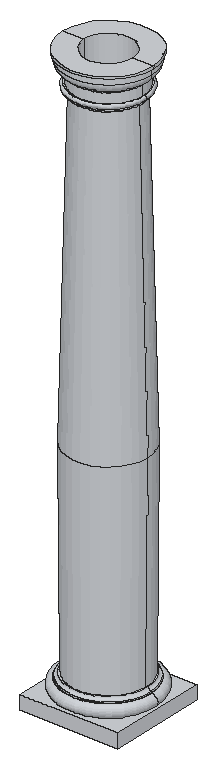
Revit family
Parameters (values of type "400")
  Keynote = "G"
  Assembly Code = "C3010300"
  Base Material = none
  Base Width = (Diameter * 2) + 101.6 mm  # 501.6 mm
  Diameter = 200 mm
  Material = none
  Height [instance] = 3000 mm
  Width = Diameter * 2  # 400 mm
  db = Diameter - 6.35 mm  # 193.65 mm
  dt = Diameter - 38.1 mm  # 161.9 mm
Types (5, lengths in mm): name | Base Width | Diameter | Width | db | dt
  (no name) | 501.6 | 200 | 400 | 193.65 | 161.9
  300 | 401.6 | 150 | 300 | 143.65 | 111.9
  400 | 501.6 | 200 | 400 | 193.65 | 161.9
  250 | 351.6 | 125 | 250 | 118.65 | 86.9
  200 | 301.6 | 100 | 200 | 93.65 | 61.9
Reference planes
  plane 1 "Center (Front/Back)": y = 0
  plane 2: z = 0
  plane 3 "Center (Left/Right)": x = -100.012
  plane 4: x = -350.812
  plane 5: x = 150.788
  plane 6: y = 250.8
  plane 7: y = -250.8
  plane 8: z = 3000
  plane 9: z = 69.85
  plane 10: z = 2906.401
  plane 11 "tob": z = 153.045
  plane 12: x = -300.012
  plane 13: x = 99.988
  plane 14: y = -200
  plane 15: y = 200
  plane 16: z = 2809.119
  plane 17 "t": z = 1200
  plane 18: z = 600
  plane 19: z = 1800
  plane 20: z = 2400
Forms (mm)
  Extrusion 1, solid
    sketch origin (0, 0, 0) x (1, 0, 0) y (0, 1, 0)
      loop
        line (-350.812, 250.8) -> (-350.812, -250.8) -> (150.788, -250.8) -> (150.788, 250.8) -> (-350.812, 250.8)
    from 0 to 69.85
  Revolve 2, solid
    sketch origin (0, 0, 0) x (1, 0, 0) y (0, 0, 1)
      loop
        line (-320.849, 69.85) -> (-261.912, 69.85) -> (-261.912, 153.045) -> (-302.401, 153.045)
        arc (-302.401, 153.045) -> (-306.951, 142.063) -> (-317.933, 137.513) r 15.532
        line (-317.933, 137.513) -> (-317.933, 130.175) -> (-320.849, 130.175)
        arc (-320.849, 130.175) -> (-351.012, 100.013) -> (-320.849, 69.85) r 30.162
      axis (-100.012, 153.045) -> (-100.012, 69.85)
    angle from 0 to 360
  Revolve 3, solid
    sketch origin (0, 0, 0) x (1, 0, 0) y (0, 0, 1)
      loop
        line (-223.812, 3000) -> (-330.175, 3000) -> (-330.175, 2988.875) -> (-320.65, 2988.875) -> (-320.65, 2958.725) -> (-317.475, 2958.725)
        arc (-317.475, 2958.725) -> (-310.753, 2929.04) -> (-284.137, 2914.275) r 37.254
        line (-284.137, 2914.275) -> (-284.137, 2906.401)
        arc (-284.137, 2906.401) -> (-277.402, 2903.611) -> (-274.612, 2896.876) r 9.525
        line (-274.612, 2896.876) -> (-274.612, 2847.567) -> (-283.84, 2847.567)
        arc (-283.84, 2847.567) -> (-293.298, 2838.875) -> (-285.434, 2828.719) r 9.491
        line (-285.434, 2828.719) -> (-285.434, 2821.06)
        arc (-285.434, 2821.06) -> (-276.99, 2817.563) -> (-273.492, 2809.119) r 11.942
        line (-273.492, 2809.119) -> (-223.812, 2809.119) -> (-223.812, 3000)
      axis (-100.012, 3000) -> (-100.012, 2809.119)
    angle from 0 to 360
  Blend 4, solid
    base sketch origin (0, 0, 0) x (1, 0, 0) y (0, 1, 0)
      loop
        circle (-100.012, 0) r 193.65
    top sketch origin (0, 0, 0) x (1, 0, 0) y (0, 1, 0)
      loop
        circle (-100.012, 0) r 200
    from 153.045 to 1200
  Blend 5, solid
    base sketch origin (0, 0, 0) x (1, 0, 0) y (0, 1, 0)
      loop
        circle (-100.012, 0) r 200
    top sketch origin (0, 0, 0) x (1, 0, 0) y (0, 1, 0)
      loop
        circle (-100.012, 0) r 161.9
    from 1200 to 2809.119
Cuts and joins
  joined: Extrusion 1, Revolve 2, Revolve 3, Blend 4, Blend 5
Dimensions and locks
  equal spacing: plane 4, plane 3 "Center (Left/Right)", plane 5
  equal spacing: plane 7, plane 1 "Center (Front/Back)", plane 6
  "Base Width": plane 7 to plane 6
  "Base Width": plane 4 to plane 5
  locked: plane 9 to plane 2 at 69.85
  "Height": plane 8 to plane 2
  locked: plane 8 to plane 10 at 93.599
  "Width": plane 14 to plane 15
  "Width": plane 12 to plane 13
  equal spacing: plane 12, plane 3 "Center (Left/Right)", plane 13
  equal spacing: plane 14, plane 1 "Center (Front/Back)", plane 15
  locked: plane 8 to plane 16 at 190.881
  locked: plane 11 "tob" to plane 2 at 153.045
  equal spacing: plane 8, plane 20, plane 19, plane 17 "t", plane 18, plane 2
  locked: Revolve 3 sketch curve to plane 12 at 76.2
  Revolve 3 sketch curve to Revolve 3 sketch curve to plane 12 to Revolve 3 sketch curve to Revolve 3 sketch curve = 9.525 mm locked, 20.637 mm locked, 15.875 mm locked, 9.525 mm locked
  locked: plane 12 to Revolve 2 sketch curve at 38.1
  plane 12 to Revolve 2 sketch curve to Revolve 2 sketch curve to Revolve 2 sketch curve = 2.389 mm locked, 15.532 mm locked, 2.916 mm locked
  "Diameter": radius of Blend 5 sketch curve
  "dt": radius of Blend 5 sketch curve
  "db": radius of Blend 4 sketch curve
  "Diameter": radius of Blend 4 sketch curve
  aligned and locked: plane 5 to Extrusion 1 sketch curve
  aligned and locked: plane 6 to Extrusion 1 sketch curve
  aligned and locked: Extrusion 1 sketch curve to plane 4
  aligned and locked: Extrusion 1 sketch curve to plane 7
  aligned and locked: Extrusion 1 to plane 9
  aligned and locked: Revolve 3 sketch curve to plane 8
  aligned and locked: Revolve 3 sketch curve to plane 16
  aligned and locked: plane 17 "t" to Blend 4
  aligned and locked: Blend 4 to plane 11 "tob"
  aligned and locked: Blend 5 to plane 17 "t"
  aligned and locked: plane 16 to Blend 5
Automatic sketch dimensions
  Blend 4 sketch curve to plane 1 "Center (Front/Back)" = 0 mm  (x2)
  Blend 4 sketch curve to plane 3 "Center (Left/Right)" = 0 mm  (x2)
  Blend 5 sketch curve to plane 1 "Center (Front/Back)" = 0 mm  (x2)
  Blend 5 sketch curve to plane 3 "Center (Left/Right)" = 0 mm  (x2)
  Revolve 3 sketch curve to plane 10 = 0 mm
  Revolve 3 sketch curve to plane 3 "Center (Left/Right)" = 0 mm
  plane 12 to Revolve 3 sketch curve = 26.52 mm
  plane 12 to Revolve 3 sketch curve = 19.063 mm
  Revolve 3 sketch curve to Revolve 3 sketch curve = 9.228 mm
  plane 12 to Revolve 3 sketch curve = 14.578 mm
  Revolve 3 sketch curve to Revolve 3 sketch curve = 3.175 mm
  Revolve 3 sketch curve to Revolve 3 sketch curve = 7.658 mm
  Revolve 3 sketch curve to Revolve 3 sketch curve = 9.357 mm
  plane 16 to Revolve 3 sketch curve = 48.006 mm
  plane 10 to Revolve 3 sketch curve = 7.874 mm
  Revolve 3 sketch curve to Revolve 3 sketch curve = 37.118 mm
  plane 8 to Revolve 3 sketch curve = 41.275 mm
  plane 8 to Revolve 3 sketch curve = 11.125 mm
  Revolve 2 sketch curve to plane 9 = 0 mm
  Revolve 2 sketch curve to plane 11 "tob" = 0 mm
  Revolve 2 sketch curve to plane 3 "Center (Left/Right)" = 0 mm
  Revolve 2 sketch curve to plane 9 = 26.045 mm
  Revolve 2 sketch curve to Revolve 2 sketch curve = 30.162 mm
  plane 11 "tob" to Revolve 2 sketch curve = 44.45 mm
